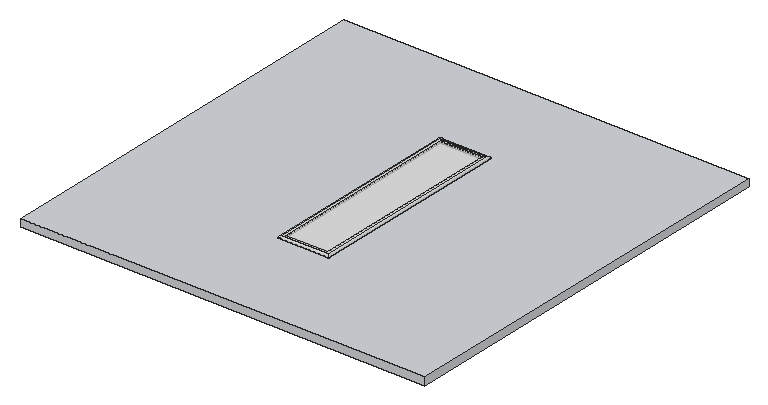
Revit family "CBT", category Lighting Fixtures, host Face, Revit 2021
Family settings
  Host = Face
  Round Connector Dimension = Use Diameter
  Part Type = Normal
  OmniClass Number = 23.80.70.11.14.17
  OmniClass Title = Direct/Indirect
  Cut with Voids When Loaded = No
  Light Source = Yes
  Shared = Yes
  Room Calculation Point = No
Parameters (values of type "CBT14")
  Width = 12.00"
  Watts = 25 W
  Wattage Comments = "25W"
  Wattage = 24.9 W
  Warranty = "5 year Warranty"  # constant formula
  built-in parameter 1150110 = 1 (stored number, unit not read)
  Voltage = 120 V
  URL = "https://www.hubbell.com/hubbelllightingci/en"
  built-in parameter 1114217 = 1 (stored number, unit not read)
  Tilt Angle = -90.00°  # constant formula
  built-in parameter 1150109 = 1 (stored number, unit not read)
  built-in parameter 1150134 = 3
  built-in parameter 1150113 = 1 (stored number, unit not read)
  Product Link = "https://www.hubbell.com/columbialighting/en/Products/Lighting-Controls/Commercial-Indoor-Lighting/Troffers/CBT-Back-Lit-Troffer/p/8330218"
  Product Documentation Link = "https://hubbellcdn.com/specsheet/COL_CBT_LSCS_spec.pdf"
  Power Factor = 1
  Photometric Web File = "CBT14-LS35_2750lm.ies"
  Model = "CBT"  # constant formula
  Manufacturer = "Columbia Lighting"  # constant formula
  built-in parameter 1150105 = 237.78 (stored number, unit not read)
  Lumens = 2988 lm
  built-in parameter 1150115 = 1 (stored number, unit not read)
  Lumens Range = "2500 - 7499 lm"  # constant formula
  Load Classification = Lighting
  built-in parameter 1150137 = (empty or 0)
  built-in parameter 1150139 = (empty or 0)
  built-in parameter 1150112 = 1 (stored number, unit not read)
  built-in parameter 1150114 = 1 (stored number, unit not read)
  built-in parameter 1150132 = (empty or 0)
  built-in parameter 1150102 = (empty or 0)
  built-in parameter 1150107 = 3200 (stored number, unit not read)
  built-in parameter 1150138 = (empty or 0)
  built-in parameter 1150106 = 2.3778 (stored number, unit not read)
  Height = 48.00"
  Glass = Paint - Hubbell - White Texture
  Lamp = "LED"  # constant formula
  Housing Material = Paint - Hubbell - Light Silver
  Fixture distribution = "Direct"  # constant formula
  Features = "Switchable Lumen technology:\r\n4400/3300/2750 lumens (1x4 and 2x2)\r\n5500/4400/3300 lumens (2x4)\r\n• 1x4, 2x2, and 2x4 sizes\r\n• 80 CRI\r\n• 0–10V dimming to 10%\r\n• Recessed or surface mount\r\n• Universal voltage (120–277V)\r\n• IC rated\r\n• Smooth even illumination across the face of the lumniaire"  # constant formula
  Emit from Rectangle Width = Height - 1.00"  # 47.00"
  Emit from Rectangle Length = Width - 1.00"  # 11.00"
  Emit Shape Visible in Rendering = no
  built-in parameter 1150104 = 11.148 (stored number, unit not read)
  Dimming Lamp Color Temperature Shift = <None>
  Description = "CBT Back-Lit Troffer"  # constant formula
  Default Elevation = 48.00"
  Copyright = " ©2021 Columbia Lighting , a division of Hubbell Lighting, Inc"  # constant formula
  Contact = "https://www.hubbell.com/hubbelllightingci/en/contactUs"
  Connector Description = "Lighting Connector"
  Color Filter = 16777215
  Certification = "UL 1598, Damp  Listed, cULus, IC"  # constant formula
  built-in parameter 1114218 = 1 (stored number, unit not read)
  built-in parameter 1150133 = 10 (stored number, unit not read)
  Assembly Code = ""
  Apparent Load = Watts / Power Factor  # 25 VA
Types (3): name | Width | Watts | Wattage Comments | Wattage | Photometric Web File | built-in parameter 1150105 | Lumens | built-in parameter 1150106 | Height | Emit from Rectangle Width | Emit from Rectangle Length | built-in parameter 1150104 | Apparent Load
  CBT14 | 12.00" | 25 W | "25W" | 24.9 W | "CBT14-LS35_2750lm.ies" | 237.78 (stored number, unit not read) | 2988 lm | 2.3778 (stored number, unit not read) | 48.00" | 47.00" | 11.00" | 11.148 (stored number, unit not read) | 25 VA
  CBT22 | 24.00" | 25 W | "25W" | 24.45 W | "CBT22-LS35_2750lm.ies" | 237.37 (stored number, unit not read) | 2982.9 lm | 2.3737 (stored number, unit not read) | 24.00" | 23.00" | 23.00" | 11.334 (stored number, unit not read) | 25 VA
  CBT24 | 24.00" | 30 W | "30W" | 29.25 W | "CBT24-LS35_3300lm.ies" | 307.25 (stored number, unit not read) | 3861 lm | 3.0725 (stored number, unit not read) | 48.00" | 47.00" | 23.00" | 12.263 (stored number, unit not read) | 30 VA
Reference planes (in)
  plane 1 "Center (Front/Back)": y = 0
  plane 2: z = 0.5561
  plane 3 "Center (Left/Right)": x = 0
  plane 4: y = -24
  plane 5: y = 24
  plane 6: z = 21.62251
  plane 7: x = -6
  plane 8: x = 6
  plane 9: z = -0.67262
Forms (in)
  Extrusion 1, solid
    sketch origin (0, 0, 0) x (1, 0, 0) y (0, 1, 0)
      loop
        line (-48, 48) -> (-48, -48) -> (48, -48) -> (48, 48) -> (-48, 48)
    from 0.5561 to -1.25
  Extrusion 2, solid, material "Paint - Hubbell - Light Silver" <- "Housing Material"
    sketch origin (0, 0, 0) x (1, 0, 0) y (0, 1, 0)
      loop
        line (-6, 24) -> (-6, -24) -> (6, -24) -> (6, 24) -> (-6, 24)
      loop
        line (-5, 23) -> (-5, -23) -> (5, -23) -> (5, 23) -> (-5, 23)
    from 1.04738 to 0.5561
  Sweep 3, void
    path origin (0, 0, 0) x (1, 0, 0) y (0, 1, 0)
      loop
        line (-6, 24) -> (-6, -24) -> (6, -24) -> (6, 24) -> (-6, 24)
    profile origin (0, 24, 0) x (0, 1, 0) y (0, 0, 1)
      loop
        line (0, 0.61258) -> (0, 1.04738) -> (-0.4348, 1.04738)
        arc (-0.4348, 1.04738) -> (-0.12735, 0.92003) -> (0, 0.61258) r 0.4348
  Extrusion 4, solid, material "Paint - Hubbell - White Texture" <- "Glass"
    sketch origin (0, 0, 0) x (1, 0, 0) y (0, 1, 0)
      loop
        line (-5, 23) -> (-5, -23) -> (5, -23) -> (5, 23) -> (-5, 23)
    from 0.84805 to 0.5561
  Extrusion 5, solid, material "Paint - Hubbell - Light Silver" <- "Housing Material"
    sketch origin (0, 0, 0) x (1, 0, 0) y (0, 1, 0)
      loop
        line (-5, 23) -> (-5, -23) -> (5, -23) -> (5, 23) -> (-5, 23)
    from 0.5561 to -0.67262
Cuts and joins
  Sweep 3 cuts Extrusion 2
Dimensions and locks (in)
  equal spacing: plane 4, plane 1 "Center (Front/Back)", plane 5
  "Height": plane 4 to plane 5
  "Width": plane 7 to plane 8
  equal spacing: plane 7, plane 3 "Center (Left/Right)", plane 8
  aligned and locked: plane 2 to Extrusion 1
  aligned and locked: Extrusion 4 sketch curve to cut or joined group of Extrusion 2, Sweep 3  (x4)
  aligned and locked: plane 2 to Extrusion 5
  aligned and locked: plane 9 to Extrusion 5
Automatic sketch dimensions
  Extrusion 1 sketch curve to Extrusion 1 sketch curve = 96.00"  (x2)
  plane 4 to Extrusion 2 sketch curve = 0.00"
  Extrusion 2 sketch curve to plane 7 = 0.00"
  plane 5 to Extrusion 2 sketch curve = 0.00"
  Extrusion 2 sketch curve to plane 8 = 0.00"
  plane 7 to Extrusion 2 sketch curve = 1.00"
  Extrusion 2 sketch curve to plane 8 = 1.00"
  Extrusion 2 sketch curve to plane 4 = 1.00"
  plane 5 to Extrusion 2 sketch curve = 1.00"
  plane 4 to Sweep 3 sketch curve = 0.00"
  Sweep 3 sketch curve to plane 7 = 0.00"
  Sweep 3 sketch curve to plane 8 = 0.00"
  plane 5 to Sweep 3 sketch curve = 0.00"
  Sweep 3 sketch curve to profile plane = 0.00"
  profile plane to Sweep 3 sketch curve = 0.4348"
  level to Sweep 3 sketch curve = 0.61258"
  Sweep 3 sketch curve to Sweep 3 sketch curve = 0.4348"
  plane 7 to Extrusion 5 sketch curve = 1.00"
  Extrusion 5 sketch curve to plane 8 = 1.00"
  Extrusion 5 sketch curve to plane 4 = 1.00"
  plane 5 to Extrusion 5 sketch curve = 1.00"
Connectors (in)
  electrical at (0, 0, -0.67262), driven by "Connector Description", driven by "Power Factor", driven by "Apparent Load", driven by "Voltage", driven by "Load Classification"
    settings: on Extrusion 5, index 1, voltage 120 V, apparent load 25 VA, apparent load phase1 0 VA, apparent load phase2 0 VA, apparent load phase3 0 VA, power factor 1, load classification "Lighting", number of poles 1, system type 30, power factor state 1, is connector primary yes, connector utility no, sub classification motor no, connector description "Lighting Connector"
